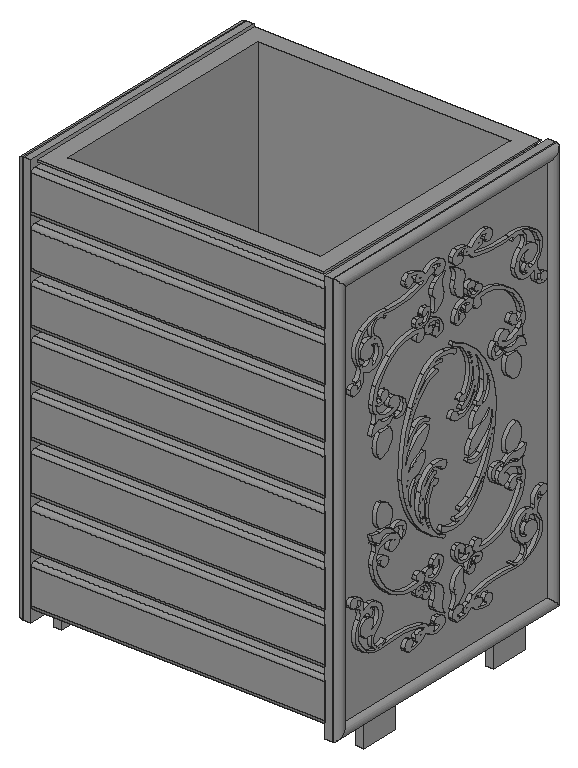
Revit family "Урна чугунная «Ампир КОМБИ-2» Арт 7292", category Антураж, Revit 2018
Family settings
  На основе рабочей плоскости = Нет
  Всегда вертикально = Да
  При загрузке вырезать с полостями = Нет
  Источник визуального образа = Геометрия семейства
  Общий = Нет
  Точка расчета площади = Нет
Parameters (values of type "Урна чугунная «Ампир КОМБИ-2»")
  Ширина = 360 mm  # constant formula
  Цвет урны = Чугун
  Цвет отделки = Дерево
  Цвет декоративных элементов = Золото
  Описание = "Урна чугунная «Ампир КОМБИ-2»"  # constant formula
  Материал изделия = "Чугун, дерево, сталь"  # constant formula
  Изображение типоразмера = Урна чугунная «Ампир КОМБИ-2» Арт 7292.jpg
  Изготовитель = "ООО «Хоббика»"  # constant formula
  Длина = 400 mm  # constant formula
  Группа модели = "Уличные урны"  # constant formula
  Высота = 565 mm  # constant formula
  Артикул товара = "Арт. 7292"  # constant formula
  URL = "https://hobbyka.ru/product/urna_chugunnaia_ampir_kombi-2/"
Reference planes
  plane 1 "По центру (Вперед/Назад)": y = 0
  plane 2: z = 0
  plane 3 "По центру (Влево/Вправо)": x = 0
  plane 4: y = 360
  plane 5: x = 400
  plane 6: z = 565
  plane 7: y = 360
Forms (mm)
  Extrusion 1, solid, material "Чугун" <- "Цвет урны"
    sketch origin (0, 0, 0) x (0, 1, 0) y (0, 0, 1)
      loop
        line (360, 565) -> (0, 565) -> (0, 30) -> (50, 30) -> (50, 0) -> (100, 0) -> (100, 30) -> (260, 30) -> (260, 0) -> (310, 0) -> (310, 30) -> (360, 30) -> (360, 565)
    from 0 to 10
  Extrusion 2, solid, material "Чугун" <- "Цвет урны"
    sketch origin (0, 0, 0) x (0, 1, 0) y (0, 0, 1)
      loop
        line (360, 565) -> (0, 565) -> (0, 30) -> (50, 30) -> (50, 0) -> (100, 0) -> (100, 30) -> (260, 30) -> (260, 0) -> (310, 0) -> (310, 30) -> (360, 30) -> (360, 565)
    from 390 to 400
  Extrusion 3, solid, material "Дерево" <- "Цвет отделки"
    sketch origin (0, 0, -10) x (0, 1, 0) y (0, 0, 1)
      loop
        line (355, 565) -> (335, 565) -> (335, 510) -> (355, 510)
        arc (355, 510) -> (358.536, 511.464) -> (360, 515) r 5
        line (360, 515) -> (360, 560)
        arc (360, 560) -> (358.536, 563.536) -> (355, 565) r 5
      loop
        line (355, 500) -> (335, 500) -> (335, 445) -> (355, 445)
        arc (355, 445) -> (358.536, 446.464) -> (360, 450) r 5
        line (360, 450) -> (360, 495)
        arc (360, 495) -> (358.536, 498.536) -> (355, 500) r 5
      loop
        line (355, 435) -> (335, 435) -> (335, 380) -> (355, 380)
        arc (355, 380) -> (358.536, 381.464) -> (360, 385) r 5
        line (360, 385) -> (360, 430)
        arc (360, 430) -> (358.536, 433.536) -> (355, 435) r 5
      loop
        line (355, 370) -> (335, 370) -> (335, 315) -> (355, 315)
        arc (355, 315) -> (358.536, 316.464) -> (360, 320) r 5
        line (360, 320) -> (360, 365)
        arc (360, 365) -> (358.536, 368.536) -> (355, 370) r 5
      loop
        line (355, 305) -> (335, 305) -> (335, 250) -> (355, 250)
        arc (355, 250) -> (358.536, 251.464) -> (360, 255) r 5
        line (360, 255) -> (360, 300)
        arc (360, 300) -> (358.536, 303.536) -> (355, 305) r 5
      loop
        line (355, 240) -> (335, 240) -> (335, 185) -> (355, 185)
        arc (355, 185) -> (358.536, 186.464) -> (360, 190) r 5
        line (360, 190) -> (360, 235)
        arc (360, 235) -> (358.536, 238.536) -> (355, 240) r 5
      loop
        line (355, 175) -> (335, 175) -> (335, 120) -> (355, 120)
        arc (355, 120) -> (358.536, 121.464) -> (360, 125) r 5
        line (360, 125) -> (360, 170)
        arc (360, 170) -> (358.536, 173.536) -> (355, 175) r 5
      loop
        line (355, 110) -> (335, 110) -> (335, 55) -> (355, 55)
        arc (355, 55) -> (358.536, 56.464) -> (360, 60) r 5
        line (360, 60) -> (360, 105)
        arc (360, 105) -> (358.536, 108.536) -> (355, 110) r 5
      loop
        arc (5, 565) -> (1.464, 563.536) -> (0, 560) r 5
        line (0, 560) -> (0, 515)
        arc (0, 515) -> (1.464, 511.464) -> (5, 510) r 5
        line (5, 510) -> (25, 510) -> (25, 565) -> (5, 565)
      loop
        arc (5, 500) -> (1.464, 498.536) -> (0, 495) r 5
        line (0, 495) -> (0, 450)
        arc (0, 450) -> (1.464, 446.464) -> (5, 445) r 5
        line (5, 445) -> (25, 445) -> (25, 500) -> (5, 500)
      loop
        arc (5, 435) -> (1.464, 433.536) -> (0, 430) r 5
        line (0, 430) -> (0, 385)
        arc (0, 385) -> (1.464, 381.464) -> (5, 380) r 5
        line (5, 380) -> (25, 380) -> (25, 435) -> (5, 435)
      loop
        arc (5, 370) -> (1.464, 368.536) -> (0, 365) r 5
        line (0, 365) -> (0, 320)
        arc (0, 320) -> (1.464, 316.464) -> (5, 315) r 5
        line (5, 315) -> (25, 315) -> (25, 370) -> (5, 370)
      loop
        arc (5, 305) -> (1.464, 303.536) -> (0, 300) r 5
        line (0, 300) -> (0, 255)
        arc (0, 255) -> (1.464, 251.464) -> (5, 250) r 5
        line (5, 250) -> (25, 250) -> (25, 305) -> (5, 305)
      loop
        arc (5, 240) -> (1.464, 238.536) -> (0, 235) r 5
        line (0, 235) -> (0, 190)
        arc (0, 190) -> (1.464, 186.464) -> (5, 185) r 5
        line (5, 185) -> (25, 185) -> (25, 240) -> (5, 240)
      loop
        arc (5, 175) -> (1.464, 173.536) -> (0, 170) r 5
        line (0, 170) -> (0, 125)
        arc (0, 125) -> (1.464, 121.464) -> (5, 120) r 5
        line (5, 120) -> (25, 120) -> (25, 175) -> (5, 175)
      loop
        arc (5, 110) -> (1.464, 108.536) -> (0, 105) r 5
        line (0, 105) -> (0, 60)
        arc (0, 60) -> (1.464, 56.464) -> (5, 55) r 5
        line (5, 55) -> (25, 55) -> (25, 110) -> (5, 110)
    from 10 to 390
  Extrusion 4, solid, material "Цинк"
    sketch origin (0, 0, 0) x (1, 0, 0) y (0, 1, 0)
      loop
        line (35, 335) -> (35, 25) -> (365, 25) -> (365, 335) -> (35, 335)
    from 45 to 565
  Extrusion 5, solid, material "Цинк"
    sketch origin (0, 0, 0) x (1, 0, 0) y (0, 1, 0)
      loop
        line (37, 333) -> (37, 27) -> (363, 27) -> (363, 333) -> (37, 333)
      loop
        line (385, 355) -> (15, 355) -> (15, 5) -> (385, 5) -> (385, 355)
    from 563 to 565
  Extrusion 6, void
    sketch origin (0, 0, 0) x (1, 0, 0) y (0, 1, 0)
      loop
        line (37, 333) -> (37, 27) -> (363, 27) -> (363, 333) -> (37, 333)
    from 47 to 565
  Sweep 7, solid, material "Золото" <- "Цвет декоративных элементов"
    path origin (0, 0, 0) x (0, 1, 0) y (0, 0, 1)
      loop
        line (360, 565) -> (0, 565) -> (0, 30) -> (360, 30) -> (360, 565)
    profile origin (0, 180, 565) x (0, 0, -1) y (1, 0, 0)
      loop
        arc (0, 0) -> (7.5, -7.5) -> (15, 0) r 7.5
        line (15, 0) -> (0, 0)
      loop
        line (0, 400) -> (15, 400)
        arc (15, 400) -> (7.5, 407.5) -> (0, 400) r 7.5
  Extrusion 8, solid, material "Золото" <- "Цвет декоративных элементов"
    sketch origin (0, 0, 0) x (0, 1, 0) y (0, 0, 1)
      loop
        arc (185.834, 498.716) -> (190.016, 490.527) -> (189.206, 481.368) r 16.622
        arc (189.206, 481.368) -> (190.445, 465.776) -> (203.888, 457.781) r 17.017
        arc (203.888, 457.781) -> (201.532, 467.31) -> (203.888, 476.838) r 20.439
        arc (203.888, 476.838) -> (204.979, 481.044) -> (204.077, 485.294) r 9.476
        arc (204.077, 485.294) -> (202.217, 488.112) -> (199.638, 490.29) r 11.837
        arc (199.638, 490.29) -> (192.995, 494.928) -> (185.834, 498.716) r 65.913
      loop
        arc (172.569, 500.722) -> (165.407, 496.934) -> (158.765, 492.296) r 65.913
        arc (158.765, 492.296) -> (156.185, 490.118) -> (154.325, 487.3) r 11.837
        arc (154.325, 487.3) -> (153.424, 483.05) -> (154.514, 478.844) r 9.476
        arc (154.514, 478.844) -> (156.871, 469.316) -> (154.514, 459.788) r 20.439
        arc (154.514, 459.788) -> (167.958, 467.782) -> (169.197, 483.375) r 17.017
        arc (169.197, 483.375) -> (168.386, 492.534) -> (172.569, 500.722) r 16.622
      loop
        arc (185.834, 103.188) -> (192.995, 106.977) -> (199.638, 111.615) r 65.913
        arc (199.638, 111.615) -> (202.217, 113.793) -> (204.077, 116.61) r 11.837
        arc (204.077, 116.61) -> (204.979, 120.861) -> (203.888, 125.067) r 9.476
        arc (203.888, 125.067) -> (201.532, 134.595) -> (203.888, 144.123) r 20.439
        arc (203.888, 144.123) -> (190.445, 136.128) -> (189.206, 120.536) r 17.017
        arc (189.206, 120.536) -> (190.016, 111.377) -> (185.834, 103.188) r 16.622
      loop
        arc (172.569, 105.195) -> (168.386, 113.383) -> (169.197, 122.543) r 16.622
        arc (169.197, 122.543) -> (167.958, 138.135) -> (154.514, 146.129) r 17.017
        arc (154.514, 146.129) -> (156.871, 136.601) -> (154.514, 127.073) r 20.439
        arc (154.514, 127.073) -> (153.424, 122.867) -> (154.325, 118.617) r 9.476
        arc (154.325, 118.617) -> (156.185, 115.799) -> (158.765, 113.621) r 11.837
        arc (158.765, 113.621) -> (165.407, 108.983) -> (172.569, 105.195) r 65.913
      loop
        line (288.533, 356.732) -> (273.794, 357.469)
        arc (273.794, 357.469) -> (273.247, 337.794) -> (289.338, 326.459) r 20.816
        arc (289.338, 326.459) -> (295.925, 341.781) -> (288.533, 356.732) r 19.893
      loop
        arc (69.775, 358.734) -> (62.383, 343.783) -> (68.97, 328.46) r 19.893
        arc (68.97, 328.46) -> (85.061, 339.795) -> (84.514, 359.471) r 20.816
        line (84.514, 359.471) -> (69.775, 358.734)
      loop
        arc (288.533, 245.172) -> (295.925, 260.123) -> (289.338, 275.446) r 19.893
        arc (289.338, 275.446) -> (273.247, 264.111) -> (273.794, 244.435) r 20.816
        line (273.794, 244.435) -> (288.533, 245.172)
      loop
        line (69.775, 247.203) -> (84.514, 246.466)
        arc (84.514, 246.466) -> (85.061, 266.141) -> (68.97, 277.476) r 20.816
        arc (68.97, 277.476) -> (62.383, 262.154) -> (69.775, 247.203) r 19.893
    from 0 to -6.5
  Extrusion 9, solid, material "Золото" <- "Цвет декоративных элементов"
    sketch origin (0, 0, 0) x (0, 1, 0) y (0, 0, 1)
      loop
        arc (188.489, 410.517) -> (186.293, 410.063) -> (186.227, 407.822) r 1.808
        arc (186.227, 407.822) -> (192.489, 405.274) -> (198.087, 401.482) r 32.432
        arc (198.087, 401.482) -> (213.053, 373.592) -> (204.775, 343.042) r 42.82
        arc (204.775, 343.042) -> (199.696, 344.278) -> (196.6, 340.067) r 4.713
        arc (196.6, 340.067) -> (202.014, 337.442) -> (207.428, 340.067) r 6.897
        arc (207.428, 340.067) -> (216.855, 367.231) -> (207.428, 394.396) r 43.852
        arc (207.428, 394.396) -> (218.761, 373.766) -> (217.619, 350.256) r 43.27
        arc (217.619, 350.256) -> (211.299, 339.311) -> (201.221, 331.684) r 31.864
        arc (201.221, 331.684) -> (200.124, 328.556) -> (203.252, 327.46) r 2.344
        arc (203.252, 327.46) -> (214.601, 336.118) -> (221.595, 348.561) r 35.314
        arc (221.595, 348.561) -> (223.725, 362.258) -> (221.595, 375.955) r 45.101
        arc (221.595, 375.955) -> (224.46, 362.615) -> (223.347, 349.017) r 46.708
        arc (223.347, 349.017) -> (218.724, 336.997) -> (210.981, 326.707) r 46.482
        arc (210.981, 326.707) -> (201.797, 322.896) -> (192.613, 326.707) r 12.971
        arc (192.613, 326.707) -> (185.371, 330.312) -> (185.437, 322.223) r 4.746
        arc (185.437, 322.223) -> (194.141, 319.19) -> (203.331, 319.915) r 22.421
        arc (203.331, 319.915) -> (217.056, 328.388) -> (224.552, 342.672) r 30.542
        arc (224.552, 342.672) -> (227.209, 363.314) -> (221.007, 383.181) r 48.714
        arc (221.007, 383.181) -> (232.996, 366.537) -> (236.441, 346.316) r 45.422
        arc (236.441, 346.316) -> (234.595, 334.411) -> (227.313, 324.813) r 24.58
        arc (227.313, 324.813) -> (224.872, 324.212) -> (225.474, 321.77) r 1.778
        arc (225.474, 321.77) -> (229.353, 321.046) -> (232.751, 323.053) r 5.614
        arc (232.751, 323.053) -> (240.292, 341.328) -> (236.715, 360.772) r 34.961
        arc (236.715, 360.772) -> (242.091, 350.503) -> (245.201, 339.336) r 55.11
        arc (245.201, 339.336) -> (243.906, 329.142) -> (237.197, 321.359) r 17.815
        arc (237.197, 321.359) -> (230.108, 319.229) -> (223.92, 315.168) r 25.71
        arc (223.92, 315.168) -> (218.511, 307.216) -> (217.544, 297.648) r 19.57
        arc (217.544, 297.648) -> (229.432, 300.393) -> (239.416, 307.405) r 31.856
        arc (239.416, 307.405) -> (245.991, 317.552) -> (248.31, 329.418) r 31.856
        arc (248.31, 329.418) -> (247.669, 320.673) -> (245.794, 312.107) r 61.704
        arc (245.794, 312.107) -> (242.198, 303.891) -> (234.909, 298.666) r 16.924
        arc (234.909, 298.666) -> (224.986, 293.247) -> (217.042, 285.202) r 38.861
        arc (217.042, 285.202) -> (212.48, 278.436) -> (210.782, 270.455) r 21.403
        arc (210.782, 270.455) -> (227.197, 276.096) -> (240.29, 287.491) r 45.344
        arc (240.29, 287.491) -> (247.778, 302.209) -> (249.227, 318.658) r 43.404
        arc (249.227, 318.658) -> (249.832, 301.49) -> (245.092, 284.978) r 54.798
        arc (245.092, 284.978) -> (238.715, 274.16) -> (230.397, 264.752) r 65.726
        arc (230.397, 264.752) -> (221.648, 262.267) -> (212.898, 264.752) r 16.645
        arc (212.898, 264.752) -> (211.061, 264.538) -> (210.847, 262.701) r 1.49
        arc (210.847, 262.701) -> (222.61, 258.595) -> (234.153, 263.284) r 17.644
        arc (234.153, 263.284) -> (243.273, 274.088) -> (249.49, 286.787) r 57.635
        arc (249.49, 286.787) -> (247.238, 275.43) -> (243.987, 264.317) r 130.245
        arc (243.987, 264.317) -> (237.536, 249.763) -> (228.634, 236.565) r 90.453
        arc (228.634, 236.565) -> (221.078, 228.344) -> (212.567, 221.118) r 90.453
        arc (212.567, 221.118) -> (206.198, 217.594) -> (199.113, 215.922) r 26.678
        arc (199.113, 215.922) -> (197.4, 213.516) -> (198.94, 210.995) r 2.681
        arc (198.94, 210.995) -> (210.391, 215.087) -> (220.432, 221.946) r 47.61
        arc (220.432, 221.946) -> (233.254, 236.355) -> (242.409, 253.332) r 83.116
        arc (242.409, 253.332) -> (239.072, 244.697) -> (235.115, 236.329) r 127.117
        arc (235.115, 236.329) -> (230.623, 229.503) -> (225.746, 222.947) r 141.91
        arc (225.746, 222.947) -> (219.793, 215.81) -> (212.912, 209.563) r 67.11
        arc (212.912, 209.563) -> (202.756, 205.597) -> (191.855, 205.85) r 27.757
        arc (191.855, 205.85) -> (189.966, 204.817) -> (190.749, 202.812) r 1.63
        arc (190.749, 202.812) -> (205.078, 203.437) -> (217.42, 210.743) r 29.514
        arc (217.42, 210.743) -> (195.424, 200.089) -> (171.504, 205.105) r 37.836
        arc (171.504, 205.105) -> (167.828, 204.662) -> (168.236, 200.982) r 2.631
        arc (168.236, 200.982) -> (176.084, 197.804) -> (184.38, 196.114) r 46.112
        arc (184.38, 196.114) -> (203.402, 198.482) -> (219.336, 209.138) r 41.54
        arc (219.336, 209.138) -> (230.701, 223.508) -> (239.653, 239.492) r 115.623
        arc (239.653, 239.492) -> (251.687, 276.85) -> (254.524, 315.995) r 164.429
        arc (254.524, 315.995) -> (235.161, 372.796) -> (188.489, 410.517) r 108.1
      loop
        arc (169.948, 193.377) -> (172.143, 193.831) -> (172.209, 196.072) r 1.808
        arc (172.209, 196.072) -> (165.947, 198.62) -> (160.349, 202.412) r 32.432
        arc (160.349, 202.412) -> (145.383, 230.302) -> (153.662, 260.852) r 42.82
        arc (153.662, 260.852) -> (158.74, 259.616) -> (161.837, 263.827) r 4.713
        arc (161.837, 263.827) -> (156.422, 266.452) -> (151.008, 263.827) r 6.897
        arc (151.008, 263.827) -> (141.581, 236.663) -> (151.008, 209.499) r 43.852
        arc (151.008, 209.499) -> (139.675, 230.128) -> (140.818, 253.638) r 43.27
        arc (140.818, 253.638) -> (147.138, 264.583) -> (157.216, 272.21) r 31.864
        arc (157.216, 272.21) -> (158.312, 275.338) -> (155.184, 276.434) r 2.344
        arc (155.184, 276.434) -> (143.836, 267.776) -> (136.841, 255.333) r 35.314
        arc (136.841, 255.333) -> (134.711, 241.636) -> (136.841, 227.94) r 45.101
        arc (136.841, 227.94) -> (133.977, 241.279) -> (135.089, 254.877) r 46.708
        arc (135.089, 254.877) -> (139.712, 266.897) -> (147.456, 277.187) r 46.482
        arc (147.456, 277.187) -> (156.639, 280.998) -> (165.823, 277.187) r 12.971
        arc (165.823, 277.187) -> (173.065, 273.582) -> (172.999, 281.672) r 4.746
        arc (172.999, 281.672) -> (164.295, 284.705) -> (155.106, 283.979) r 22.421
        arc (155.106, 283.979) -> (141.38, 275.506) -> (133.885, 261.222) r 30.542
        arc (133.885, 261.222) -> (131.228, 240.58) -> (137.429, 220.713) r 48.714
        arc (137.429, 220.713) -> (125.44, 237.357) -> (121.996, 257.578) r 45.422
        arc (121.996, 257.578) -> (123.842, 269.483) -> (131.123, 279.081) r 24.58
        arc (131.123, 279.081) -> (133.564, 279.682) -> (132.963, 282.124) r 1.778
        arc (132.963, 282.124) -> (129.083, 282.848) -> (125.686, 280.841) r 5.614
        arc (125.686, 280.841) -> (118.144, 262.566) -> (121.721, 243.123) r 34.961
        arc (121.721, 243.123) -> (116.345, 253.392) -> (113.236, 264.558) r 55.11
        arc (113.236, 264.558) -> (114.53, 274.752) -> (121.24, 282.535) r 17.815
        arc (121.24, 282.535) -> (128.328, 284.665) -> (134.516, 288.726) r 25.71
        arc (134.516, 288.726) -> (139.925, 296.678) -> (140.893, 306.246) r 19.57
        arc (140.893, 306.246) -> (129.004, 303.501) -> (119.02, 296.489) r 31.856
        arc (119.02, 296.489) -> (112.446, 286.342) -> (110.126, 274.476) r 31.856
        arc (110.126, 274.476) -> (110.768, 283.221) -> (112.642, 291.787) r 61.704
        arc (112.642, 291.787) -> (116.238, 300.003) -> (123.527, 305.228) r 16.924
        arc (123.527, 305.228) -> (133.451, 310.647) -> (141.394, 318.692) r 38.861
        arc (141.394, 318.692) -> (145.956, 325.458) -> (147.654, 333.439) r 21.403
        arc (147.654, 333.439) -> (131.239, 327.798) -> (118.146, 316.403) r 45.344
        arc (118.146, 316.403) -> (110.658, 301.685) -> (109.209, 285.236) r 43.404
        arc (109.209, 285.236) -> (108.604, 302.404) -> (113.344, 318.916) r 54.798
        arc (113.344, 318.916) -> (119.721, 329.734) -> (128.039, 339.142) r 65.726
        arc (128.039, 339.142) -> (136.789, 341.627) -> (145.538, 339.142) r 16.645
        arc (145.538, 339.142) -> (147.673, 339.781) -> (146.788, 341.825) r 1.49
        arc (146.788, 341.825) -> (135.316, 345.278) -> (124.284, 340.61) r 17.644
        arc (124.284, 340.61) -> (115.163, 329.806) -> (108.947, 317.107) r 57.635
        arc (108.947, 317.107) -> (111.198, 328.464) -> (114.449, 339.577) r 130.245
        arc (114.449, 339.577) -> (120.9, 354.131) -> (129.803, 367.329) r 90.453
        arc (129.803, 367.329) -> (137.359, 375.55) -> (145.87, 382.777) r 90.453
        arc (145.87, 382.777) -> (152.239, 386.3) -> (159.323, 387.972) r 26.678
        arc (159.323, 387.972) -> (161.036, 390.378) -> (159.496, 392.899) r 2.681
        arc (159.496, 392.899) -> (148.045, 388.807) -> (138.004, 381.948) r 47.61
        arc (138.004, 381.948) -> (125.182, 367.539) -> (116.027, 350.562) r 83.116
        arc (116.027, 350.562) -> (119.364, 359.197) -> (123.321, 367.565) r 127.117
        arc (123.321, 367.565) -> (127.813, 374.391) -> (132.691, 380.947) r 141.91
        arc (132.691, 380.947) -> (138.643, 388.084) -> (145.524, 394.331) r 67.11
        arc (145.524, 394.331) -> (155.681, 398.297) -> (166.581, 398.044) r 27.757
        arc (166.581, 398.044) -> (168.47, 399.077) -> (167.687, 401.082) r 1.63
        arc (167.687, 401.082) -> (153.358, 400.457) -> (141.017, 393.151) r 29.514
        arc (141.017, 393.151) -> (163.012, 403.805) -> (186.932, 398.789) r 37.836
        arc (186.932, 398.789) -> (190.608, 399.232) -> (190.2, 402.912) r 2.631
        arc (190.2, 402.912) -> (182.353, 406.09) -> (174.056, 407.78) r 46.112
        arc (174.056, 407.78) -> (155.034, 405.412) -> (139.101, 394.756) r 41.54
        arc (139.101, 394.756) -> (127.736, 380.386) -> (118.783, 364.402) r 115.623
        arc (118.783, 364.402) -> (106.749, 327.044) -> (103.912, 287.899) r 164.429
        arc (103.912, 287.899) -> (123.275, 231.098) -> (169.948, 193.377) r 108.1
    from 0 to -6.5
  Extrusion 10, solid, material "Золото" <- "Цвет декоративных элементов"
    sketch origin (0, 0, 0) x (0, 1, 0) y (0, 0, 1)
      loop
        arc (297.658, 380.706) -> (300.594, 386.7) -> (301.69, 393.284) r 23.053
        arc (301.69, 393.284) -> (299.973, 403.389) -> (296.266, 412.945) r 50.895
        arc (296.266, 412.945) -> (286.919, 426.807) -> (274.492, 437.993) r 68.502
        arc (274.492, 437.993) -> (250.454, 448.69) -> (224.16, 449.613) r 69.005
        arc (224.16, 449.613) -> (219.954, 447.234) -> (218.342, 442.679) r 6.896
        arc (218.342, 442.679) -> (219.595, 438.452) -> (222.845, 435.473) r 8.254
        arc (222.845, 435.473) -> (226.649, 434.767) -> (230.223, 436.248) r 6.807
        arc (230.223, 436.248) -> (230.494, 441.702) -> (225.276, 443.313) r 4.45
        arc (225.276, 443.313) -> (226.078, 444.274) -> (227.222, 444.78) r 2.751
        arc (227.222, 444.78) -> (271.474, 435.66) -> (296.507, 398.047) r 59.397
        arc (296.507, 398.047) -> (292.82, 392.061) -> (285.865, 393.084) r 6.391
        arc (285.865, 393.084) -> (288.11, 395.25) -> (288.252, 398.365) r 4.215
        arc (288.252, 398.365) -> (285.643, 401.638) -> (281.558, 402.548) r 6.287
        arc (281.558, 402.548) -> (276.944, 398.545) -> (278.938, 392.771) r 5.454
        arc (278.938, 392.771) -> (288.521, 388.817) -> (298.103, 392.771) r 13.587
        arc (298.103, 392.771) -> (296.688, 386.491) -> (293.153, 381.11) r 18.005
        arc (293.153, 381.11) -> (280.194, 374.592) -> (266.043, 377.782) r 21.515
        arc (266.043, 377.782) -> (264.941, 380.175) -> (266.043, 382.568) r 3.15
        arc (266.043, 382.568) -> (267.679, 379.011) -> (271.549, 378.419) r 4.13
        arc (271.549, 378.419) -> (275.459, 383.961) -> (271.549, 389.503) r 5.883
        arc (271.549, 389.503) -> (259.974, 384.94) -> (262.926, 372.854) r 9.462
        arc (262.926, 372.854) -> (277.339, 369.755) -> (291.332, 374.397) r 28.032
        arc (291.332, 374.397) -> (295.629, 372.783) -> (299.634, 370.54) r 30.386
        arc (299.634, 370.54) -> (296.519, 375.21) -> (297.658, 380.706) r 7.27
      loop
        arc (60.741, 382.713) -> (61.88, 377.217) -> (58.765, 372.547) r 7.27
        arc (58.765, 372.547) -> (62.77, 374.79) -> (67.067, 376.404) r 30.386
        arc (67.067, 376.404) -> (81.06, 371.762) -> (95.473, 374.861) r 28.032
        arc (95.473, 374.861) -> (98.425, 386.947) -> (86.85, 391.51) r 9.462
        arc (86.85, 391.51) -> (82.94, 385.968) -> (86.85, 380.426) r 5.883
        arc (86.85, 380.426) -> (90.72, 381.018) -> (92.356, 384.575) r 4.13
        arc (92.356, 384.575) -> (93.458, 382.182) -> (92.356, 379.788) r 3.15
        arc (92.356, 379.788) -> (78.205, 376.599) -> (65.246, 383.117) r 21.515
        arc (65.246, 383.117) -> (61.711, 388.498) -> (60.296, 394.778) r 18.005
        arc (60.296, 394.778) -> (69.878, 390.823) -> (79.461, 394.778) r 13.587
        arc (79.461, 394.778) -> (81.455, 400.552) -> (76.841, 404.555) r 5.454
        arc (76.841, 404.555) -> (72.756, 403.645) -> (70.147, 400.372) r 6.287
        arc (70.147, 400.372) -> (70.289, 397.256) -> (72.534, 395.091) r 4.215
        arc (72.534, 395.091) -> (65.579, 394.068) -> (61.892, 400.053) r 6.391
        arc (61.892, 400.053) -> (86.925, 437.666) -> (131.177, 446.787) r 59.397
        arc (131.177, 446.787) -> (132.321, 446.281) -> (133.123, 445.32) r 2.751
        arc (133.123, 445.32) -> (127.906, 443.709) -> (128.177, 438.255) r 4.45
        arc (128.177, 438.255) -> (131.75, 436.774) -> (135.554, 437.48) r 6.807
        arc (135.554, 437.48) -> (138.804, 440.459) -> (140.057, 444.686) r 8.254
        arc (140.057, 444.686) -> (138.445, 449.241) -> (134.239, 451.62) r 6.896
        arc (134.239, 451.62) -> (107.945, 450.697) -> (83.907, 440) r 69.005
        arc (83.907, 440) -> (71.48, 428.814) -> (62.133, 414.951) r 68.502
        arc (62.133, 414.951) -> (58.426, 405.396) -> (56.709, 395.291) r 50.895
        arc (56.709, 395.291) -> (57.805, 388.707) -> (60.741, 382.713) r 23.053
      loop
        arc (297.658, 221.199) -> (296.519, 226.695) -> (299.634, 231.364) r 7.27
        arc (299.634, 231.364) -> (295.629, 229.121) -> (291.332, 227.507) r 30.386
        arc (291.332, 227.507) -> (277.339, 232.15) -> (262.926, 229.051) r 28.032
        arc (262.926, 229.051) -> (259.974, 216.964) -> (271.549, 212.401) r 9.462
        arc (271.549, 212.401) -> (275.459, 217.944) -> (271.549, 223.486) r 5.883
        arc (271.549, 223.486) -> (267.679, 222.893) -> (266.043, 219.337) r 4.13
        arc (266.043, 219.337) -> (264.941, 221.73) -> (266.043, 224.123) r 3.15
        arc (266.043, 224.123) -> (280.194, 227.312) -> (293.153, 220.794) r 21.515
        arc (293.153, 220.794) -> (296.688, 215.413) -> (298.103, 209.133) r 18.005
        arc (298.103, 209.133) -> (288.521, 213.088) -> (278.938, 209.133) r 13.587
        arc (278.938, 209.133) -> (276.944, 203.359) -> (281.558, 199.356) r 5.454
        arc (281.558, 199.356) -> (285.643, 200.266) -> (288.252, 203.539) r 6.287
        arc (288.252, 203.539) -> (288.11, 206.655) -> (285.865, 208.82) r 4.215
        arc (285.865, 208.82) -> (292.82, 209.843) -> (296.507, 203.858) r 6.391
        arc (296.507, 203.858) -> (271.474, 166.245) -> (227.222, 157.125) r 59.397
        arc (227.222, 157.125) -> (226.078, 157.631) -> (225.276, 158.591) r 2.751
        arc (225.276, 158.591) -> (230.494, 160.202) -> (230.223, 165.656) r 4.45
        arc (230.223, 165.656) -> (226.649, 167.137) -> (222.845, 166.431) r 6.807
        arc (222.845, 166.431) -> (219.595, 163.452) -> (218.342, 159.225) r 8.254
        arc (218.342, 159.225) -> (219.954, 154.67) -> (224.16, 152.292) r 6.896
        arc (224.16, 152.292) -> (250.454, 153.214) -> (274.492, 163.912) r 69.005
        arc (274.492, 163.912) -> (286.919, 175.097) -> (296.266, 188.96) r 68.502
        arc (296.266, 188.96) -> (299.973, 198.516) -> (301.69, 208.62) r 50.895
        arc (301.69, 208.62) -> (300.594, 215.204) -> (297.658, 221.199) r 23.053
      loop
        arc (60.741, 223.208) -> (57.805, 217.214) -> (56.709, 210.63) r 23.053
        arc (56.709, 210.63) -> (58.426, 200.525) -> (62.133, 190.969) r 50.895
        arc (62.133, 190.969) -> (71.48, 177.106) -> (83.907, 165.921) r 68.502
        arc (83.907, 165.921) -> (107.945, 155.224) -> (134.239, 154.301) r 69.005
        arc (134.239, 154.301) -> (138.445, 156.68) -> (140.057, 161.235) r 6.896
        arc (140.057, 161.235) -> (138.804, 165.462) -> (135.554, 168.441) r 8.254
        arc (135.554, 168.441) -> (131.75, 169.146) -> (128.177, 167.665) r 6.807
        arc (128.177, 167.665) -> (127.906, 162.211) -> (133.123, 160.601) r 4.45
        arc (133.123, 160.601) -> (132.321, 159.64) -> (131.177, 159.134) r 2.751
        arc (131.177, 159.134) -> (86.925, 168.254) -> (61.892, 205.867) r 59.397
        arc (61.892, 205.867) -> (65.579, 211.852) -> (72.534, 210.83) r 6.391
        arc (72.534, 210.83) -> (70.289, 208.664) -> (70.147, 205.548) r 4.215
        arc (70.147, 205.548) -> (72.756, 202.276) -> (76.841, 201.366) r 6.287
        arc (76.841, 201.366) -> (81.455, 205.369) -> (79.461, 211.142) r 5.454
        arc (79.461, 211.142) -> (69.878, 215.097) -> (60.296, 211.142) r 13.587
        arc (60.296, 211.142) -> (61.711, 217.423) -> (65.246, 222.803) r 18.005
        arc (65.246, 222.803) -> (78.205, 229.322) -> (92.356, 226.132) r 21.515
        arc (92.356, 226.132) -> (93.458, 223.739) -> (92.356, 221.346) r 3.15
        arc (92.356, 221.346) -> (90.72, 224.902) -> (86.85, 225.495) r 4.13
        arc (86.85, 225.495) -> (82.94, 219.953) -> (86.85, 214.411) r 5.883
        arc (86.85, 214.411) -> (98.425, 218.973) -> (95.473, 231.06) r 9.462
        arc (95.473, 231.06) -> (81.06, 234.159) -> (67.067, 229.516) r 28.032
        arc (67.067, 229.516) -> (62.77, 231.13) -> (58.765, 233.373) r 30.386
        arc (58.765, 233.373) -> (61.88, 228.704) -> (60.741, 223.208) r 7.27
    from 0 to -6.5
  Extrusion 11, solid, material "Золото" <- "Цвет декоративных элементов"
    sketch origin (0, 0, 0) x (0, 1, 0) y (0, 0, 1)
      loop
        arc (215.256, 464.397) -> (215.532, 462.394) -> (217.048, 461.057) r 2.903
        arc (217.048, 461.057) -> (219.618, 461.101) -> (221.434, 462.919) r 3.428
        arc (221.434, 462.919) -> (220.532, 466.884) -> (217.272, 469.314) r 5.875
        arc (217.272, 469.314) -> (211.909, 468.573) -> (208.92, 464.059) r 6.575
        arc (208.92, 464.059) -> (212.204, 454.82) -> (220.657, 449.851) r 14.34
        arc (220.657, 449.851) -> (225.888, 449.784) -> (230.842, 451.464) r 15.478
        arc (230.842, 451.464) -> (232.5, 453.91) -> (232.802, 456.85) r 6.056
        arc (232.802, 456.85) -> (231.638, 459.512) -> (229.276, 461.204) r 5.478
        arc (229.276, 461.204) -> (226.169, 461.675) -> (223.127, 460.882) r 7.801
        arc (223.127, 460.882) -> (221.855, 459.581) -> (221.676, 457.77) r 2.742
        arc (221.676, 457.77) -> (224.048, 455.389) -> (227.26, 456.378) r 3.251
        arc (227.26, 456.378) -> (228.706, 457.112) -> (229.592, 455.753) r 1.214
        arc (229.592, 455.753) -> (224.588, 452.35) -> (218.536, 452.373) r 10.217
        arc (218.536, 452.373) -> (212.862, 457.523) -> (213.1, 465.182) r 9.143
        arc (213.1, 465.182) -> (214.528, 465.751) -> (215.256, 464.397) r 1.155
      loop
        arc (215.424, 450.105) -> (211.709, 451.781) -> (207.657, 452.226) r 13.023
        arc (207.657, 452.226) -> (200.062, 450.936) -> (193.702, 446.588) r 18.004
        arc (193.702, 446.588) -> (189.947, 439.991) -> (189.635, 432.406) r 16.089
        arc (189.635, 432.406) -> (191.191, 430.195) -> (193.402, 428.639) r 7.888
        arc (193.402, 428.639) -> (198.215, 428.29) -> (202.58, 430.347) r 9.515
        arc (202.58, 430.347) -> (204.515, 433.439) -> (204.258, 437.078) r 5.89
        arc (204.258, 437.078) -> (202.092, 439.318) -> (198.979, 439.429) r 4.166
        arc (198.979, 439.429) -> (196.869, 437.359) -> (197.052, 434.409) r 3.558
        arc (197.052, 434.409) -> (197.359, 432.137) -> (195.087, 432.444) r 1.441
        arc (195.087, 432.444) -> (193.306, 436.166) -> (193.275, 440.293) r 9.475
        arc (193.275, 440.293) -> (195.851, 445.441) -> (200.59, 448.708) r 11.556
        arc (200.59, 448.708) -> (207.552, 449.204) -> (213.709, 445.919) r 12.6
        arc (213.709, 445.919) -> (213.568, 444.305) -> (212.004, 443.886) r 1.412
        arc (212.004, 443.886) -> (210.534, 444.28) -> (209.018, 444.412) r 8.73
        arc (209.018, 444.412) -> (206.816, 443.501) -> (205.905, 441.299) r 3.113
        arc (205.905, 441.299) -> (206.619, 438.819) -> (208.757, 437.373) r 3.785
        arc (208.757, 437.373) -> (212.583, 437.324) -> (216.021, 439.004) r 8.261
        arc (216.021, 439.004) -> (218.529, 444.706) -> (215.424, 450.105) r 6.903
      loop
        arc (254.774, 383.049) -> (249.216, 373.95) -> (251.436, 363.521) r 14.407
        arc (251.436, 363.521) -> (260.292, 361.784) -> (268.464, 365.612) r 14.526
        arc (268.464, 365.612) -> (261.749, 364.717) -> (255.164, 366.309) r 18.428
        arc (255.164, 366.309) -> (252.623, 374.624) -> (254.774, 383.049) r 16.11
      loop
        arc (303.225, 357.799) -> (299.78, 367.334) -> (290.657, 371.757) r 13.456
        arc (290.657, 371.757) -> (282.693, 366.354) -> (273.206, 367.97) r 12.896
        line (273.206, 367.97) -> (266.92, 369.337)
        arc (266.92, 369.337) -> (276.529, 361.573) -> (288.851, 360.68) r 20.658
        arc (288.851, 360.68) -> (296.265, 360.374) -> (303.225, 357.799) r 23.807
      loop
        arc (143.314, 466.44) -> (144.042, 467.794) -> (145.47, 467.225) r 1.155
        arc (145.47, 467.225) -> (145.707, 459.566) -> (140.033, 454.416) r 9.143
        arc (140.033, 454.416) -> (133.982, 454.392) -> (128.978, 457.796) r 10.217
        arc (128.978, 457.796) -> (129.864, 459.155) -> (131.31, 458.421) r 1.214
        arc (131.31, 458.421) -> (134.522, 457.431) -> (136.893, 459.813) r 3.251
        arc (136.893, 459.813) -> (136.715, 461.624) -> (135.443, 462.925) r 2.742
        arc (135.443, 462.925) -> (132.401, 463.718) -> (129.293, 463.247) r 7.801
        arc (129.293, 463.247) -> (126.932, 461.555) -> (125.768, 458.893) r 5.478
        arc (125.768, 458.893) -> (126.07, 455.953) -> (127.728, 453.506) r 6.056
        arc (127.728, 453.506) -> (132.682, 451.827) -> (137.913, 451.893) r 15.478
        arc (137.913, 451.893) -> (146.366, 456.862) -> (149.65, 466.101) r 14.34
        arc (149.65, 466.101) -> (146.661, 470.615) -> (141.298, 471.357) r 6.575
        arc (141.298, 471.357) -> (138.037, 468.927) -> (137.135, 464.962) r 5.875
        arc (137.135, 464.962) -> (138.952, 463.144) -> (141.521, 463.1) r 3.428
        arc (141.521, 463.1) -> (143.038, 464.437) -> (143.314, 466.44) r 2.903
      loop
        arc (143.146, 452.148) -> (140.041, 446.748) -> (142.548, 441.047) r 6.903
        arc (142.548, 441.047) -> (145.986, 439.366) -> (149.813, 439.416) r 8.261
        arc (149.813, 439.416) -> (151.951, 440.861) -> (152.665, 443.342) r 3.785
        arc (152.665, 443.342) -> (151.753, 445.543) -> (149.552, 446.455) r 3.113
        arc (149.552, 446.455) -> (148.036, 446.323) -> (146.566, 445.929) r 8.73
        arc (146.566, 445.929) -> (145.001, 446.348) -> (144.86, 447.962) r 1.412
        arc (144.86, 447.962) -> (151.018, 451.247) -> (157.98, 450.75) r 12.6
        arc (157.98, 450.75) -> (162.719, 447.483) -> (165.294, 442.336) r 11.556
        arc (165.294, 442.336) -> (165.264, 438.209) -> (163.482, 434.487) r 9.475
        arc (163.482, 434.487) -> (161.211, 434.179) -> (161.518, 436.451) r 1.441
        arc (161.518, 436.451) -> (161.7, 439.401) -> (159.591, 441.471) r 3.558
        arc (159.591, 441.471) -> (156.477, 441.361) -> (154.312, 439.121) r 4.166
        arc (154.312, 439.121) -> (154.055, 435.482) -> (155.99, 432.389) r 5.89
        arc (155.99, 432.389) -> (160.355, 430.333) -> (165.167, 430.682) r 9.515
        arc (165.167, 430.682) -> (167.379, 432.237) -> (168.935, 434.449) r 7.888
        arc (168.935, 434.449) -> (168.623, 442.033) -> (164.868, 448.631) r 16.089
        arc (164.868, 448.631) -> (158.508, 452.978) -> (150.913, 454.269) r 18.004
        arc (150.913, 454.269) -> (146.861, 453.824) -> (143.146, 452.148) r 13.023
      loop
        arc (103.796, 385.092) -> (105.947, 376.667) -> (103.406, 368.352) r 16.11
        arc (103.406, 368.352) -> (96.821, 366.76) -> (90.105, 367.655) r 18.428
        arc (90.105, 367.655) -> (98.278, 363.827) -> (107.133, 365.564) r 14.526
        arc (107.133, 365.564) -> (109.354, 375.992) -> (103.796, 385.092) r 14.407
      loop
        arc (55.344, 359.842) -> (62.304, 362.416) -> (69.719, 362.723) r 23.807
        arc (69.719, 362.723) -> (82.041, 363.615) -> (91.65, 371.38) r 20.658
        line (91.65, 371.38) -> (85.364, 370.013)
        arc (85.364, 370.013) -> (75.877, 368.397) -> (67.913, 373.8) r 12.896
        arc (67.913, 373.8) -> (58.79, 369.376) -> (55.344, 359.842) r 13.456
      loop
        arc (215.256, 137.507) -> (214.528, 136.153) -> (213.1, 136.723) r 1.155
        arc (213.1, 136.723) -> (212.862, 144.381) -> (218.536, 149.531) r 9.143
        arc (218.536, 149.531) -> (224.588, 149.555) -> (229.592, 146.151) r 10.217
        arc (229.592, 146.151) -> (228.706, 144.793) -> (227.26, 145.526) r 1.214
        arc (227.26, 145.526) -> (224.048, 146.516) -> (221.676, 144.134) r 3.251
        arc (221.676, 144.134) -> (221.855, 142.323) -> (223.127, 141.023) r 2.742
        arc (223.127, 141.023) -> (226.169, 140.229) -> (229.276, 140.7) r 7.801
        arc (229.276, 140.7) -> (231.638, 142.393) -> (232.802, 145.054) r 5.478
        arc (232.802, 145.054) -> (232.5, 147.994) -> (230.842, 150.441) r 6.056
        arc (230.842, 150.441) -> (225.888, 152.12) -> (220.657, 152.054) r 15.478
        arc (220.657, 152.054) -> (212.204, 147.085) -> (208.92, 137.846) r 14.34
        arc (208.92, 137.846) -> (211.909, 133.332) -> (217.272, 132.59) r 6.575
        arc (217.272, 132.59) -> (220.532, 135.02) -> (221.434, 138.985) r 5.875
        arc (221.434, 138.985) -> (219.618, 140.803) -> (217.048, 140.847) r 3.428
        arc (217.048, 140.847) -> (215.532, 139.51) -> (215.256, 137.507) r 2.903
      loop
        arc (215.424, 151.799) -> (218.529, 157.199) -> (216.021, 162.901) r 6.903
        arc (216.021, 162.901) -> (212.583, 164.581) -> (208.757, 164.532) r 8.261
        arc (208.757, 164.532) -> (206.619, 163.086) -> (205.905, 160.605) r 3.785
        arc (205.905, 160.605) -> (206.816, 158.404) -> (209.018, 157.492) r 3.113
        arc (209.018, 157.492) -> (210.534, 157.625) -> (212.004, 158.019) r 8.73
        arc (212.004, 158.019) -> (213.568, 157.599) -> (213.709, 155.986) r 1.412
        arc (213.709, 155.986) -> (207.552, 152.701) -> (200.59, 153.197) r 12.6
        arc (200.59, 153.197) -> (195.851, 156.464) -> (193.275, 161.611) r 11.556
        arc (193.275, 161.611) -> (193.306, 165.738) -> (195.087, 169.46) r 9.475
        arc (195.087, 169.46) -> (197.359, 169.768) -> (197.052, 167.496) r 1.441
        arc (197.052, 167.496) -> (196.869, 164.546) -> (198.979, 162.476) r 3.558
        arc (198.979, 162.476) -> (202.092, 162.587) -> (204.258, 164.826) r 4.166
        arc (204.258, 164.826) -> (204.515, 168.465) -> (202.58, 171.558) r 5.89
        arc (202.58, 171.558) -> (198.215, 173.614) -> (193.402, 173.266) r 9.515
        arc (193.402, 173.266) -> (191.191, 171.71) -> (189.635, 169.499) r 7.888
        arc (189.635, 169.499) -> (189.947, 161.914) -> (193.702, 155.316) r 16.089
        arc (193.702, 155.316) -> (200.062, 150.969) -> (207.657, 149.678) r 18.004
        arc (207.657, 149.678) -> (211.709, 150.123) -> (215.424, 151.799) r 13.023
      loop
        arc (254.774, 218.855) -> (252.623, 227.28) -> (255.164, 235.596) r 16.11
        arc (255.164, 235.596) -> (261.749, 237.188) -> (268.464, 236.293) r 18.428
        arc (268.464, 236.293) -> (260.292, 240.12) -> (251.436, 238.383) r 14.526
        arc (251.436, 238.383) -> (249.216, 227.955) -> (254.774, 218.855) r 14.407
      loop
        arc (303.225, 244.105) -> (296.265, 241.531) -> (288.851, 241.224) r 23.807
        arc (288.851, 241.224) -> (276.529, 240.332) -> (266.92, 232.567) r 20.658
        line (266.92, 232.567) -> (273.206, 233.934)
        arc (273.206, 233.934) -> (282.693, 235.55) -> (290.657, 230.147) r 12.896
        arc (290.657, 230.147) -> (299.78, 234.571) -> (303.225, 244.105) r 13.456
      loop
        arc (143.314, 139.661) -> (143.038, 141.664) -> (141.521, 143.001) r 2.903
        arc (141.521, 143.001) -> (138.952, 142.956) -> (137.135, 141.139) r 3.428
        arc (137.135, 141.139) -> (138.037, 137.174) -> (141.298, 134.744) r 5.875
        arc (141.298, 134.744) -> (146.661, 135.485) -> (149.65, 139.999) r 6.575
        arc (149.65, 139.999) -> (146.366, 149.238) -> (137.913, 154.207) r 14.34
        arc (137.913, 154.207) -> (132.682, 154.274) -> (127.728, 152.594) r 15.478
        arc (127.728, 152.594) -> (126.07, 150.148) -> (125.768, 147.208) r 6.056
        arc (125.768, 147.208) -> (126.932, 144.546) -> (129.293, 142.854) r 5.478
        arc (129.293, 142.854) -> (132.401, 142.382) -> (135.443, 143.176) r 7.801
        arc (135.443, 143.176) -> (136.715, 144.477) -> (136.893, 146.287) r 2.742
        arc (136.893, 146.287) -> (134.522, 148.669) -> (131.31, 147.68) r 3.251
        arc (131.31, 147.68) -> (129.864, 146.946) -> (128.978, 148.304) r 1.214
        arc (128.978, 148.304) -> (133.982, 151.708) -> (140.033, 151.684) r 10.217
        arc (140.033, 151.684) -> (145.707, 146.535) -> (145.47, 138.876) r 9.143
        arc (145.47, 138.876) -> (144.042, 138.307) -> (143.314, 139.661) r 1.155
      loop
        arc (143.146, 153.952) -> (146.861, 152.277) -> (150.913, 151.831) r 13.023
        arc (150.913, 151.831) -> (158.508, 153.122) -> (164.868, 157.47) r 18.004
        arc (164.868, 157.47) -> (168.623, 164.067) -> (168.935, 171.652) r 16.089
        arc (168.935, 171.652) -> (167.379, 173.863) -> (165.167, 175.419) r 7.888
        arc (165.167, 175.419) -> (160.355, 175.768) -> (155.99, 173.711) r 9.515
        arc (155.99, 173.711) -> (154.055, 170.619) -> (154.312, 166.979) r 5.89
        arc (154.312, 166.979) -> (156.477, 164.74) -> (159.591, 164.629) r 4.166
        arc (159.591, 164.629) -> (161.7, 166.699) -> (161.518, 169.649) r 3.558
        arc (161.518, 169.649) -> (161.211, 171.921) -> (163.482, 171.614) r 1.441
        arc (163.482, 171.614) -> (165.264, 167.891) -> (165.294, 163.765) r 9.475
        arc (165.294, 163.765) -> (162.719, 158.617) -> (157.98, 155.35) r 11.556
        arc (157.98, 155.35) -> (151.018, 154.854) -> (144.86, 158.139) r 12.6
        arc (144.86, 158.139) -> (145.001, 159.753) -> (146.566, 160.172) r 1.412
        arc (146.566, 160.172) -> (148.036, 159.778) -> (149.552, 159.645) r 8.73
        arc (149.552, 159.645) -> (151.753, 160.557) -> (152.665, 162.759) r 3.113
        arc (152.665, 162.759) -> (151.951, 165.239) -> (149.813, 166.685) r 3.785
        arc (149.813, 166.685) -> (145.986, 166.734) -> (142.548, 165.054) r 8.261
        arc (142.548, 165.054) -> (140.041, 159.352) -> (143.146, 153.952) r 6.903
      loop
        arc (103.796, 221.009) -> (109.354, 230.108) -> (107.133, 240.537) r 14.407
        arc (107.133, 240.537) -> (98.278, 242.274) -> (90.105, 238.446) r 14.526
        arc (90.105, 238.446) -> (96.821, 239.341) -> (103.406, 237.749) r 18.428
        arc (103.406, 237.749) -> (105.947, 229.434) -> (103.796, 221.009) r 16.11
      loop
        arc (55.344, 246.259) -> (58.79, 236.724) -> (67.913, 232.301) r 13.456
        arc (67.913, 232.301) -> (75.877, 237.703) -> (85.364, 236.088) r 12.896
        line (85.364, 236.088) -> (91.65, 234.72)
        arc (91.65, 234.72) -> (82.041, 242.485) -> (69.719, 243.377) r 20.658
        arc (69.719, 243.377) -> (62.304, 243.684) -> (55.344, 246.259) r 23.807
    from 0 to -6.5
  Extrusion 12, solid, material "Золото" <- "Цвет декоративных элементов"
    sketch origin (0, 0, 0) x (0, 1, 0) y (0, 0, 1)
      loop
        arc (191.83, 504.146) -> (193.799, 510.317) -> (199.526, 513.344) r 8.565
        arc (199.526, 513.344) -> (204.314, 512.875) -> (208.558, 510.61) r 12.339
        arc (208.558, 510.61) -> (204.956, 511.031) -> (203.069, 507.933) r 3.36
        arc (203.069, 507.933) -> (203.558, 506.265) -> (204.815, 505.063) r 3.36
        arc (204.815, 505.063) -> (208.744, 503.501) -> (212.935, 502.938) r 17.306
        arc (212.935, 502.938) -> (215.032, 498.921) -> (218.807, 496.416) r 9.087
        arc (218.807, 496.416) -> (254.303, 490.553) -> (290.2, 492.948) r 156.529
        arc (290.2, 492.948) -> (312.231, 486.794) -> (325.549, 468.196) r 34.445
        arc (325.549, 468.196) -> (324.903, 454.943) -> (316.232, 444.899) r 20.373
        arc (316.232, 444.899) -> (309.471, 444.255) -> (307.187, 450.65) r 5.529
        arc (307.187, 450.65) -> (302.499, 445.006) -> (306.937, 439.163) r 5.898
        arc (306.937, 439.163) -> (291.886, 454.632) -> (310.617, 465.353) r 13.655
        arc (310.617, 465.353) -> (301.146, 459.684) -> (308.402, 451.366) r 7.194
        arc (308.402, 451.366) -> (320.977, 458.183) -> (314.744, 471.058) r 10.355
        arc (314.744, 471.058) -> (306.323, 472.909) -> (298.24, 469.904) r 15.273
        arc (298.24, 469.904) -> (303.595, 482.734) -> (293.498, 492.29) r 12.237
        arc (293.498, 492.29) -> (286.591, 491.674) -> (280.769, 487.907) r 14.428
        line (280.769, 487.907) -> (282.69, 486.562)
        arc (282.69, 486.562) -> (291.557, 490.328) -> (299.982, 485.656) r 10.984
        arc (299.982, 485.656) -> (301.52, 478.087) -> (297.036, 471.798) r 9.689
        arc (297.036, 471.798) -> (289.267, 463.889) -> (286.303, 453.206) r 22.156
        arc (286.303, 453.206) -> (292.208, 439.618) -> (306.339, 435.166) r 17.856
        arc (306.339, 435.166) -> (312.855, 437.221) -> (318.202, 441.473) r 18.765
        arc (318.202, 441.473) -> (317.666, 438.758) -> (318.254, 436.054) r 6.814
        arc (318.254, 436.054) -> (319.789, 424.483) -> (329.942, 418.725) r 13.107
        arc (329.942, 418.725) -> (336.135, 419.963) -> (337.374, 426.157) r 5.693
        arc (337.374, 426.157) -> (333.679, 429.461) -> (328.795, 428.617) r 5.693
        arc (328.795, 428.617) -> (326.999, 425.12) -> (328.795, 421.624) r 4.301
        arc (328.795, 421.624) -> (322.313, 425.477) -> (321.082, 432.916) r 8.942
        arc (321.082, 432.916) -> (324.575, 431.68) -> (328.255, 432.109) r 8.196
        arc (328.255, 432.109) -> (322.286, 438.677) -> (322.727, 447.541) r 11.567
        arc (322.727, 447.541) -> (329.188, 467.805) -> (318.017, 485.905) r 25.466
        arc (318.017, 485.905) -> (298.586, 493.947) -> (277.557, 494.017) r 54.384
        arc (277.557, 494.017) -> (250.354, 493.986) -> (223.569, 498.74) r 154.094
        arc (223.569, 498.74) -> (220.763, 500.427) -> (219.267, 503.339) r 5.979
        arc (219.267, 503.339) -> (224.676, 503.162) -> (229.93, 504.46) r 19.74
        arc (229.93, 504.46) -> (232.14, 505.948) -> (232.961, 508.483) r 4.083
        arc (232.961, 508.483) -> (230.749, 512.387) -> (226.271, 512.664) r 4.708
        arc (226.271, 512.664) -> (234.926, 515.701) -> (244.059, 514.848) r 21.472
        arc (244.059, 514.848) -> (240.361, 514.542) -> (237.659, 511.999) r 5.621
        arc (237.659, 511.999) -> (238.235, 507.178) -> (242.489, 504.838) r 5.313
        arc (242.489, 504.838) -> (248.097, 507.596) -> (248.986, 513.782) r 6.696
        arc (248.986, 513.782) -> (246.032, 517.658) -> (241.378, 519.109) r 8.023
        arc (241.378, 519.109) -> (227.467, 516.29) -> (215.649, 508.43) r 36.903
        arc (215.649, 508.43) -> (205.273, 514.816) -> (193.114, 515.605) r 25.27
        arc (193.114, 515.605) -> (189.06, 513.748) -> (186.4, 510.168) r 8.978
        arc (186.4, 510.168) -> (185.919, 505.685) -> (187.905, 501.636) r 8.121
        arc (187.905, 501.636) -> (192.414, 498.779) -> (197.751, 498.638) r 10.042
        arc (197.751, 498.638) -> (200.414, 500.088) -> (201.333, 502.979) r 4.066
        arc (201.333, 502.979) -> (197.06, 507.461) -> (191.83, 504.146) r 4.881
      loop
        arc (220.368, 506.859) -> (224.44, 506.887) -> (228.361, 507.983) r 15.378
        arc (228.361, 507.983) -> (228.769, 508.65) -> (228.272, 509.255) r 0.675
        arc (228.272, 509.255) -> (224.238, 508.327) -> (220.368, 506.859) r 30.347
      loop
        line (212.054, 505.703) -> (207.508, 508.263)
        arc (207.508, 508.263) -> (206.76, 507.953) -> (206.45, 507.205) r 1.058
        arc (206.45, 507.205) -> (209.081, 505.814) -> (212.054, 505.703) r 6.689
      loop
        arc (166.557, 506.123) -> (161.326, 509.439) -> (157.053, 504.956) r 4.881
        arc (157.053, 504.956) -> (157.972, 502.066) -> (160.636, 500.616) r 4.066
        arc (160.636, 500.616) -> (165.972, 500.757) -> (170.482, 503.613) r 10.042
        arc (170.482, 503.613) -> (172.467, 507.662) -> (171.987, 512.146) r 8.121
        arc (171.987, 512.146) -> (169.327, 515.725) -> (165.273, 517.583) r 8.978
        arc (165.273, 517.583) -> (153.114, 516.794) -> (142.737, 510.407) r 25.27
        arc (142.737, 510.407) -> (130.919, 518.268) -> (117.009, 521.087) r 36.903
        arc (117.009, 521.087) -> (112.355, 519.636) -> (109.4, 515.759) r 8.023
        arc (109.4, 515.759) -> (110.29, 509.574) -> (115.898, 506.816) r 6.696
        arc (115.898, 506.816) -> (120.151, 509.156) -> (120.727, 513.976) r 5.313
        arc (120.727, 513.976) -> (118.026, 516.52) -> (114.328, 516.826) r 5.621
        arc (114.328, 516.826) -> (123.46, 517.678) -> (132.116, 514.642) r 21.472
        arc (132.116, 514.642) -> (127.638, 514.364) -> (125.425, 510.461) r 4.708
        arc (125.425, 510.461) -> (126.247, 507.926) -> (128.457, 506.438) r 4.083
        arc (128.457, 506.438) -> (133.711, 505.139) -> (139.12, 505.317) r 19.74
        arc (139.12, 505.317) -> (137.623, 502.405) -> (134.817, 500.718) r 5.979
        arc (134.817, 500.718) -> (108.033, 495.964) -> (80.83, 495.994) r 154.094
        arc (80.83, 495.994) -> (59.801, 495.925) -> (40.37, 487.882) r 54.384
        arc (40.37, 487.882) -> (29.199, 469.783) -> (35.659, 449.519) r 25.466
        arc (35.659, 449.519) -> (36.101, 440.655) -> (30.131, 434.087) r 11.567
        arc (30.131, 434.087) -> (33.812, 433.658) -> (37.305, 434.894) r 8.196
        arc (37.305, 434.894) -> (36.074, 427.454) -> (29.592, 423.601) r 8.942
        arc (29.592, 423.601) -> (31.388, 427.098) -> (29.592, 430.594) r 4.301
        arc (29.592, 430.594) -> (24.708, 431.438) -> (21.013, 428.134) r 5.693
        arc (21.013, 428.134) -> (22.251, 421.941) -> (28.445, 420.702) r 5.693
        arc (28.445, 420.702) -> (38.597, 426.461) -> (40.133, 438.031) r 13.107
        arc (40.133, 438.031) -> (40.721, 440.736) -> (40.184, 443.451) r 6.814
        arc (40.184, 443.451) -> (45.532, 439.199) -> (52.048, 437.143) r 18.765
        arc (52.048, 437.143) -> (66.179, 441.596) -> (72.084, 455.184) r 17.856
        arc (72.084, 455.184) -> (69.119, 465.867) -> (61.35, 473.775) r 22.156
        arc (61.35, 473.775) -> (56.866, 480.064) -> (58.405, 487.633) r 9.689
        arc (58.405, 487.633) -> (66.829, 492.305) -> (75.697, 488.54) r 10.984
        line (75.697, 488.54) -> (77.618, 489.885)
        arc (77.618, 489.885) -> (71.796, 493.652) -> (64.889, 494.268) r 14.428
        arc (64.889, 494.268) -> (54.792, 484.711) -> (60.146, 471.881) r 12.237
        arc (60.146, 471.881) -> (52.064, 474.886) -> (43.642, 473.035) r 15.273
        arc (43.642, 473.035) -> (37.41, 460.161) -> (49.985, 453.343) r 10.355
        arc (49.985, 453.343) -> (57.241, 461.662) -> (47.769, 467.331) r 7.194
        arc (47.769, 467.331) -> (66.501, 456.609) -> (51.45, 441.14) r 13.655
        arc (51.45, 441.14) -> (55.887, 446.983) -> (51.2, 452.627) r 5.898
        arc (51.2, 452.627) -> (48.915, 446.232) -> (42.155, 446.876) r 5.529
        arc (42.155, 446.876) -> (33.484, 456.92) -> (32.837, 470.174) r 20.373
        arc (32.837, 470.174) -> (46.155, 488.771) -> (68.187, 494.926) r 34.445
        arc (68.187, 494.926) -> (104.084, 492.53) -> (139.58, 498.394) r 156.529
        arc (139.58, 498.394) -> (143.355, 500.899) -> (145.452, 504.916) r 9.087
        arc (145.452, 504.916) -> (149.643, 505.479) -> (153.572, 507.041) r 17.306
        arc (153.572, 507.041) -> (154.829, 508.242) -> (155.317, 509.911) r 3.36
        arc (155.317, 509.911) -> (153.431, 513.009) -> (149.828, 512.588) r 3.36
        arc (149.828, 512.588) -> (154.073, 514.852) -> (158.861, 515.322) r 12.339
        arc (158.861, 515.322) -> (164.587, 512.294) -> (166.557, 506.123) r 8.565
      loop
        arc (138.018, 508.837) -> (134.148, 510.305) -> (130.114, 511.232) r 30.347
        arc (130.114, 511.232) -> (129.618, 510.628) -> (130.025, 509.96) r 0.675
        arc (130.025, 509.96) -> (133.947, 508.865) -> (138.018, 508.837) r 15.378
      loop
        arc (146.332, 507.68) -> (149.306, 507.792) -> (151.937, 509.182) r 6.689
        arc (151.937, 509.182) -> (151.627, 509.93) -> (150.879, 510.24) r 1.058
        line (150.879, 510.24) -> (146.332, 507.68)
      loop
        arc (191.83, 97.759) -> (197.06, 94.443) -> (201.333, 98.926) r 4.881
        arc (201.333, 98.926) -> (200.414, 101.816) -> (197.751, 103.266) r 4.066
        arc (197.751, 103.266) -> (192.414, 103.125) -> (187.905, 100.269) r 10.042
        arc (187.905, 100.269) -> (185.919, 96.22) -> (186.4, 91.736) r 8.121
        arc (186.4, 91.736) -> (189.06, 88.157) -> (193.114, 86.299) r 8.978
        arc (193.114, 86.299) -> (205.273, 87.088) -> (215.649, 93.475) r 25.27
        arc (215.649, 93.475) -> (227.467, 85.614) -> (241.378, 82.795) r 36.903
        arc (241.378, 82.795) -> (246.032, 84.246) -> (248.986, 88.123) r 8.023
        arc (248.986, 88.123) -> (248.097, 94.309) -> (242.489, 97.066) r 6.696
        arc (242.489, 97.066) -> (238.235, 94.726) -> (237.659, 89.906) r 5.313
        arc (237.659, 89.906) -> (240.361, 87.362) -> (244.059, 87.056) r 5.621
        arc (244.059, 87.056) -> (234.926, 86.204) -> (226.271, 89.24) r 21.472
        arc (226.271, 89.24) -> (230.749, 89.518) -> (232.961, 93.421) r 4.708
        arc (232.961, 93.421) -> (232.14, 95.956) -> (229.93, 97.444) r 4.083
        arc (229.93, 97.444) -> (224.676, 98.743) -> (219.267, 98.565) r 19.74
        arc (219.267, 98.565) -> (220.763, 101.477) -> (223.569, 103.164) r 5.979
        arc (223.569, 103.164) -> (250.354, 107.918) -> (277.557, 107.888) r 154.094
        arc (277.557, 107.888) -> (298.586, 107.957) -> (318.017, 116) r 54.384
        arc (318.017, 116) -> (329.188, 134.099) -> (322.727, 154.363) r 25.466
        arc (322.727, 154.363) -> (322.286, 163.228) -> (328.255, 169.795) r 11.567
        arc (328.255, 169.795) -> (324.575, 170.224) -> (321.082, 168.988) r 8.196
        arc (321.082, 168.988) -> (322.313, 176.428) -> (328.795, 180.281) r 8.942
        arc (328.795, 180.281) -> (326.999, 176.784) -> (328.795, 173.288) r 4.301
        arc (328.795, 173.288) -> (333.679, 172.444) -> (337.374, 175.748) r 5.693
        arc (337.374, 175.748) -> (336.135, 181.941) -> (329.942, 183.18) r 5.693
        arc (329.942, 183.18) -> (319.789, 177.421) -> (318.254, 165.851) r 13.107
        arc (318.254, 165.851) -> (317.666, 163.146) -> (318.202, 160.431) r 6.814
        arc (318.202, 160.431) -> (312.855, 164.683) -> (306.339, 166.739) r 18.765
        arc (306.339, 166.739) -> (292.208, 162.286) -> (286.303, 148.698) r 17.856
        arc (286.303, 148.698) -> (289.267, 138.015) -> (297.036, 130.107) r 22.156
        arc (297.036, 130.107) -> (301.52, 123.818) -> (299.982, 116.249) r 9.689
        arc (299.982, 116.249) -> (291.557, 111.577) -> (282.69, 115.343) r 10.984
        line (282.69, 115.343) -> (280.769, 113.997)
        arc (280.769, 113.997) -> (286.591, 110.23) -> (293.498, 109.614) r 14.428
        arc (293.498, 109.614) -> (303.595, 119.171) -> (298.24, 132.001) r 12.237
        arc (298.24, 132.001) -> (306.323, 128.996) -> (314.744, 130.847) r 15.273
        arc (314.744, 130.847) -> (320.977, 143.721) -> (308.402, 150.539) r 10.355
        arc (308.402, 150.539) -> (301.146, 142.22) -> (310.617, 136.551) r 7.194
        arc (310.617, 136.551) -> (291.886, 147.273) -> (306.937, 162.742) r 13.655
        arc (306.937, 162.742) -> (302.499, 156.899) -> (307.187, 151.255) r 5.898
        arc (307.187, 151.255) -> (309.471, 157.65) -> (316.232, 157.006) r 5.529
        arc (316.232, 157.006) -> (324.903, 146.962) -> (325.549, 133.709) r 20.373
        arc (325.549, 133.709) -> (312.231, 115.111) -> (290.2, 108.957) r 34.445
        arc (290.2, 108.957) -> (254.303, 111.352) -> (218.807, 105.488) r 156.529
        arc (218.807, 105.488) -> (215.032, 102.983) -> (212.935, 98.966) r 9.087
        arc (212.935, 98.966) -> (208.744, 98.403) -> (204.815, 96.841) r 17.306
        arc (204.815, 96.841) -> (203.558, 95.64) -> (203.069, 93.971) r 3.36
        arc (203.069, 93.971) -> (204.956, 90.873) -> (208.558, 91.294) r 3.36
        arc (208.558, 91.294) -> (204.314, 89.03) -> (199.526, 88.56) r 12.339
        arc (199.526, 88.56) -> (193.799, 91.588) -> (191.83, 97.759) r 8.565
      loop
        arc (220.368, 95.045) -> (224.238, 93.577) -> (228.272, 92.65) r 30.347
        arc (228.272, 92.65) -> (228.769, 93.254) -> (228.361, 93.922) r 0.675
        arc (228.361, 93.922) -> (224.44, 95.017) -> (220.368, 95.045) r 15.378
      loop
        arc (212.054, 96.202) -> (209.081, 96.09) -> (206.45, 94.7) r 6.689
        arc (206.45, 94.7) -> (206.76, 93.952) -> (207.508, 93.642) r 1.058
        line (207.508, 93.642) -> (212.054, 96.202)
      loop
        arc (166.573, 99.765) -> (164.603, 93.594) -> (158.877, 90.567) r 8.565
        arc (158.877, 90.567) -> (154.089, 91.036) -> (149.844, 93.301) r 12.339
        arc (149.844, 93.301) -> (153.447, 92.88) -> (155.333, 95.978) r 3.36
        arc (155.333, 95.978) -> (154.845, 97.646) -> (153.588, 98.847) r 3.36
        arc (153.588, 98.847) -> (149.658, 100.41) -> (145.468, 100.973) r 17.306
        arc (145.468, 100.973) -> (143.371, 104.989) -> (139.596, 107.494) r 9.087
        arc (139.596, 107.494) -> (104.1, 113.358) -> (68.203, 110.963) r 156.529
        arc (68.203, 110.963) -> (46.171, 117.117) -> (32.853, 135.715) r 34.445
        arc (32.853, 135.715) -> (33.5, 148.968) -> (42.171, 159.012) r 20.373
        arc (42.171, 159.012) -> (48.931, 159.656) -> (51.216, 153.261) r 5.529
        arc (51.216, 153.261) -> (55.903, 158.905) -> (51.466, 164.748) r 5.898
        arc (51.466, 164.748) -> (66.516, 149.279) -> (47.785, 138.558) r 13.655
        arc (47.785, 138.558) -> (57.257, 144.227) -> (50.001, 152.545) r 7.194
        arc (50.001, 152.545) -> (37.426, 145.728) -> (43.658, 132.853) r 10.355
        arc (43.658, 132.853) -> (52.08, 131.002) -> (60.162, 134.007) r 15.273
        arc (60.162, 134.007) -> (54.807, 121.177) -> (64.905, 111.62) r 12.237
        arc (64.905, 111.62) -> (71.812, 112.236) -> (77.634, 116.004) r 14.428
        line (77.634, 116.004) -> (75.712, 117.349)
        arc (75.712, 117.349) -> (66.845, 113.583) -> (58.421, 118.255) r 10.984
        arc (58.421, 118.255) -> (56.882, 125.824) -> (61.366, 132.113) r 9.689
        arc (61.366, 132.113) -> (69.135, 140.022) -> (72.1, 150.704) r 22.156
        arc (72.1, 150.704) -> (66.195, 164.293) -> (52.064, 168.745) r 17.856
        arc (52.064, 168.745) -> (45.548, 166.689) -> (40.2, 162.437) r 18.765
        arc (40.2, 162.437) -> (40.737, 165.153) -> (40.149, 167.857) r 6.814
        arc (40.149, 167.857) -> (38.613, 179.428) -> (28.461, 185.186) r 13.107
        arc (28.461, 185.186) -> (22.267, 183.948) -> (21.029, 177.754) r 5.693
        arc (21.029, 177.754) -> (24.723, 174.45) -> (29.608, 175.294) r 5.693
        arc (29.608, 175.294) -> (31.404, 178.791) -> (29.608, 182.287) r 4.301
        arc (29.608, 182.287) -> (36.09, 178.434) -> (37.321, 170.994) r 8.942
        arc (37.321, 170.994) -> (33.828, 172.23) -> (30.147, 171.802) r 8.196
